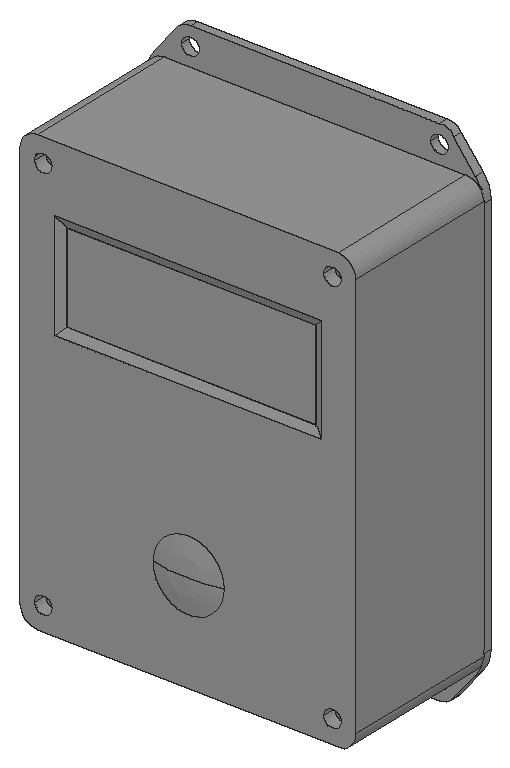
Revit family "LP-1000-TZV", category Mechanical Equipment, Revit 2015
Parameters
  URL = "https://unitedenertech.com/catalog/pdf/O_6%20LP-1000-TZV.pdf"
  Model = "LP-1000-TZV"
  Manufacturer = "United Enertech Corporation"
  Description = "Air Volume/Velocity Indication Transducer"
Reference planes (in)
  plane 1 "Center (Front/Back)": y = 0
  plane 2: z = 0
  plane 3 "Center (Left/Right)": x = 0
  plane 4: y = -2.36
  plane 5: x = -2.362
  plane 6: x = 2.362
  plane 7: z = -3.63
  plane 8: z = 3.63
  plane 9: y = -1.18
Forms (in)
  Extrusion 1, solid, material "Plastic, Opaque Black"
    sketch origin (0, 6, 0) x (1, 0, 0) y (0, 0, 1)
      loop
        arc (2.362, 2.862) -> (2.28878, 3.03878) -> (2.112, 3.112) r 0.25
        line (2.112, 3.112) -> (-2.112, 3.112)
        arc (-2.112, 3.112) -> (-2.28878, 3.03878) -> (-2.362, 2.862) r 0.25
        line (-2.362, 2.862) -> (-2.362, -2.862)
        arc (-2.362, -2.862) -> (-2.28878, -3.03878) -> (-2.112, -3.112) r 0.25
        line (-2.112, -3.112) -> (2.112, -3.112)
        arc (2.112, -3.112) -> (2.28878, -3.03878) -> (2.362, -2.862) r 0.25
        line (2.362, -2.862) -> (2.362, 2.862)
    from 6.125 to 8.36
  Extrusion 2, solid, material "Plastic, Opaque Black"
    sketch origin (0, 0, 0) x (1, 0, 0) y (0, 0, 1)
      loop
        arc (-2.362, -2.8345) -> (-2.33476, -2.99729) -> (-2.25601, -3.14234) r 0.5
        line (-2.25601, -3.14234) -> (-1.95007, -3.53392)
        arc (-1.95007, -3.53392) -> (-1.86266, -3.6047) -> (-1.75307, -3.63) r 0.25
        line (-1.75307, -3.63) -> (1.75307, -3.63)
        arc (1.75307, -3.63) -> (1.86266, -3.6047) -> (1.95007, -3.53392) r 0.25
        line (1.95007, -3.53392) -> (2.25601, -3.14234)
        arc (2.25601, -3.14234) -> (2.33476, -2.99729) -> (2.362, -2.8345) r 0.5
        line (2.362, -2.8345) -> (2.362, 2.8345)
        arc (2.362, 2.8345) -> (2.33476, 2.99729) -> (2.25601, 3.14234) r 0.5
        line (2.25601, 3.14234) -> (1.95007, 3.53392)
        arc (1.95007, 3.53392) -> (1.86266, 3.6047) -> (1.75307, 3.63) r 0.25
        line (1.75307, 3.63) -> (-1.75307, 3.63)
        arc (-1.75307, 3.63) -> (-1.86266, 3.6047) -> (-1.95007, 3.53392) r 0.25
        line (-1.95007, 3.53392) -> (-2.25601, 3.14234)
        arc (-2.25601, 3.14234) -> (-2.33476, 2.99729) -> (-2.362, 2.8345) r 0.5
        line (-2.362, 2.8345) -> (-2.362, -2.8345)
    from 0 to 0.125
  Extrusion 3, void
    sketch origin (0, 0, 0) x (1, 0, 0) y (0, 0, 1)
      loop
        circle (-1.75, 3.371) r 0.125
    from 0 to 0.125
  Extrusion 4, void
    sketch origin (0, 0, 0) x (-1, 0, 0) y (0, 0, -1)
      loop
        circle (-1.75, -3.371) r 0.125
    from 0 to 0.125
  Extrusion 5, void
    sketch origin (0, 0, 0) x (1, 0, 0) y (0, 0, 1)
      loop
        circle (-1.75, -3.371) r 0.125
    from 0 to 0.125
  Extrusion 6, void
    sketch origin (0, 0, 0) x (-1, 0, 0) y (0, 0, -1)
      loop
        circle (-1.75, 3.371) r 0.125
    from 0 to 0.125
  Extrusion 7, void
    sketch origin (0, 0, 0) x (1, 0, 0) y (0, 0, 1)
      loop
        circle (-2.03202, 2.78202) r 0.125
    from 2.17258 to 2.36
  Extrusion 8, void
    sketch origin (0, 0, 0) x (-1, 0, 0) y (0, 0, -1)
      loop
        circle (-2.03202, -2.78202) r 0.125
    from 2.17258 to 2.36
  Extrusion 9, void
    sketch origin (0, 0, 0) x (1, 0, 0) y (0, 0, 1)
      loop
        circle (-2.03202, -2.78202) r 0.125
    from 2.17258 to 2.36
  Extrusion 10, void
    sketch origin (0, 0, 0) x (-1, 0, 0) y (0, 0, -1)
      loop
        circle (-2.03202, 2.78202) r 0.125
    from 2.17258 to 2.36
  Revolve 11, solid, material "Plastic, Opaque Black"
    sketch origin (0, 0, -1.6875) x (1, 0, 0) y (0, 1, 0)
      loop
        line (0, -2.36) -> (0, -2.4225)
        arc (0, -2.4225) -> (0.25188, -2.40633) -> (0.5, -2.36) r 2.0965
        line (0.5, -2.36) -> (0, -2.36)
      axis (0, -2.36) -> (0, -2.4225)
    angle from 0 to 360
  Blend 12, void
    base sketch origin (0, 0, 0) x (1, 0, 0) y (0, 0, 1)
      loop
        line (-1.875, 0.67162) -> (1.875, 0.67162) -> (1.875, 2.17162) -> (-1.875, 2.17162) -> (-1.875, 0.67162)
    top sketch origin (0, 0, 0) x (1, 0, 0) y (0, 0, 1)
      loop
        line (-1.75, 2.04662) -> (-1.75, 0.79662) -> (1.75, 0.79662) -> (1.75, 2.04662) -> (-1.75, 2.04662)
    from 2.36 to 2.2975
  Extrusion 13, void
    sketch origin (0, 0, 0) x (1, 0, 0) y (0, 0, 1)
      loop
        line (-1.75, 2.04662) -> (-1.75, 0.79662) -> (1.75, 0.79662) -> (1.75, 2.04662) -> (-1.75, 2.04662)
    from 2.17258 to 2.2975
  Extrusion 14, solid, material "Acrylic"
    sketch origin (0, 0, 0) x (1, 0, 0) y (0, 0, 1)
      loop
        line (-1.75, 2.04662) -> (-1.75, 0.79662) -> (1.75, 0.79662) -> (1.75, 2.04662) -> (-1.75, 2.04662)
    from 2.17258 to 2.2975
  Extrusion 15, solid
    sketch origin (0, 0, 0) x (1, 0, 0) y (0, 1, 0)
      loop
        circle (1.362, -1.4) r 0.12308
    from -3.112 to -3.4415
  Extrusion 16, solid
    sketch origin (0, 0, 0) x (1, 0, 0) y (0, 1, 0)
      loop
        circle (1.362, -1.4) r 0.09
    from -3.56554 to -3.36397
  Extrusion 17, solid
    sketch origin (0, 0, 0) x (1, 0, 0) y (0, 1, 0)
      loop
        line (1.59692, -1.48551) -> (1.55351, -1.2393) -> (1.31859, -1.1538) -> (1.12708, -1.31449) -> (1.17049, -1.5607) -> (1.40541, -1.6462) -> (1.59692, -1.48551)
    from -3.112 to -3.22994
  Extrusion 18, solid
    sketch origin (0, 0.75, 0) x (1, 0, 0) y (0, 1, 0)
      loop
        circle (1.362, -1.4) r 0.12308
    from -3.112 to -3.4415
  Extrusion 19, solid
    sketch origin (0, 0.75, 0) x (1, 0, 0) y (0, 1, 0)
      loop
        circle (1.362, -1.4) r 0.09
    from -3.56554 to -3.36397
  Extrusion 20, solid
    sketch origin (0, 0.75, 0) x (1, 0, 0) y (0, 1, 0)
      loop
        line (1.59692, -1.48551) -> (1.55351, -1.2393) -> (1.31859, -1.1538) -> (1.12708, -1.31449) -> (1.17049, -1.5607) -> (1.40541, -1.6462) -> (1.59692, -1.48551)
    from -3.112 to -3.22994
  Extrusion 21, solid
    sketch origin (0, 0, 0) x (1, 0, 0) y (0, 1, 0)
      loop
        line (-1.04105, -0.7581) -> (-1.37691, -0.56419) -> (-1.71278, -0.7581) -> (-1.71278, -1.14593) -> (-1.37691, -1.33984) -> (-1.04105, -1.14593) -> (-1.04105, -0.7581)
    from -3.112 to -3.29313
  Extrusion 22, solid
    sketch origin (0, 0, 0) x (1, 0, 0) y (0, 1, 0)
      loop
        circle (-1.37691, -0.95202) r 0.29998
      loop
        circle (-1.37691, -0.95202) r 0.25
    from -3.29313 to -3.4415
  Blend 23, solid
    base sketch origin (0, 0.50461, -0.17452) x (1, 0, 0) y (0, 0.987688, -0.156434)
      loop
        circle (-1.37691, -0.95202) r 0.09556
    top sketch origin (0, 0.50461, -0.17452) x (1, 0, 0) y (0, 0.987688, -0.156434)
      loop
        circle (-1.37691, -0.95202) r 0.14614
    from -3.29313 to -3.91286
Cuts and joins
  Extrusion 3, Extrusion 4, Extrusion 5, Extrusion 6, Extrusion 7, Blend 12, Extrusion 13 cuts Extrusion 2
  Extrusion 7, Extrusion 8, Extrusion 9, Extrusion 10, Blend 12, Extrusion 13 cuts Extrusion 1
Dimensions and locks (in)
  cut or joined group of Extrusion 1, Extrusion 7, Extrusion 8, Extrusion 9, Extrusion 10, Blend 12, Extrusion 13 to cut or joined group of Extrusion 1, Extrusion 7, Extrusion 8, Extrusion 9, Extrusion 10, Blend 12, Extrusion 13 = 0' - 6.224"
  plane 5 to plane 6 = 0' - 4.724"
  plane 1 "Center (Front/Back)" to plane 4 = 0' - 2.36"
  aligned and locked: level to plane 2
